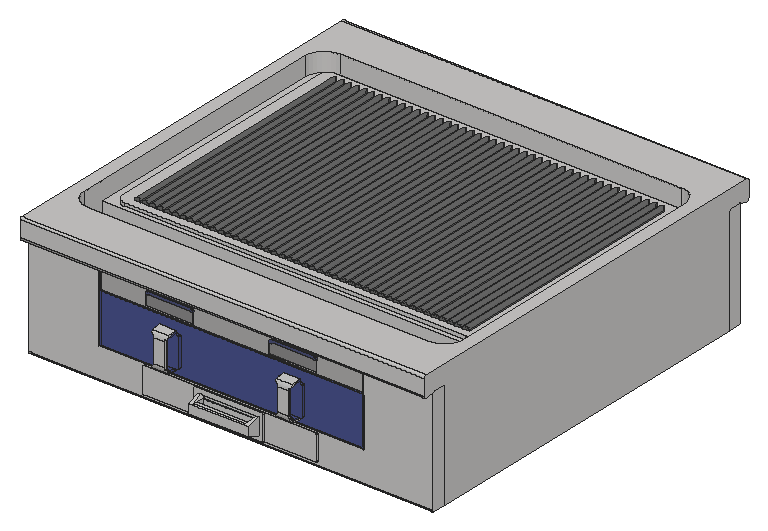
Revit family "QF_ELECTROLUXPROFESSIONAL_588066_MAHNAAHOAO", category Specialty Equipment, Revit 2018 (continued)
Definition of nested family "EG_800_800 mm Full Grate"
  Automatic sketch dimensions
    curve 84 to curve 81 = 9.283 mm
    curve 83 to curve 82 = 9.283 mm
    curve 82 to curve 82 = 472.969 mm
    curve 79 to curve 81 = 0 mm
    curve 79 to curve 79 = 9.283 mm
    curve 85 to curve 85 = 6.5 mm
    curve 88 to curve 89 = 6.5 mm
    curve 86 to curve 86 = 6.5 mm
    curve 90 to curve 87 = 9.283 mm
    curve 89 to curve 88 = 9.283 mm
    curve 88 to curve 88 = 472.969 mm
    curve 85 to curve 87 = 0 mm
    curve 85 to curve 85 = 9.283 mm
    curve 91 to curve 91 = 6.5 mm
    curve 94 to curve 95 = 6.5 mm
    curve 92 to curve 92 = 6.5 mm
    curve 96 to curve 93 = 9.283 mm
    curve 95 to curve 94 = 9.283 mm
    curve 94 to curve 94 = 472.969 mm
    curve 91 to curve 93 = 0 mm
    curve 91 to curve 91 = 9.283 mm
    curve 97 to curve 97 = 6.5 mm
    curve 100 to curve 101 = 6.5 mm
    curve 98 to curve 98 = 6.5 mm
    curve 102 to curve 99 = 9.283 mm
    curve 101 to curve 100 = 9.283 mm
    curve 100 to curve 100 = 472.969 mm
    curve 97 to curve 99 = 0 mm
    curve 97 to curve 97 = 9.283 mm
    curve 103 to curve 103 = 6.5 mm
    curve 106 to curve 107 = 6.5 mm
    curve 104 to curve 104 = 6.5 mm
    curve 108 to curve 105 = 9.283 mm
    curve 107 to curve 106 = 9.283 mm
    curve 106 to curve 106 = 472.969 mm
    curve 103 to curve 105 = 0 mm
    curve 103 to curve 103 = 9.283 mm
    curve 109 to curve 109 = 6.5 mm
    curve 112 to curve 113 = 6.5 mm
    curve 110 to curve 110 = 6.5 mm
    curve 114 to curve 111 = 9.283 mm
    curve 113 to curve 112 = 9.283 mm
    curve 112 to curve 112 = 472.969 mm
    curve 109 to curve 111 = 0 mm
    curve 109 to curve 109 = 9.283 mm
    curve 115 to curve 115 = 6.5 mm
    curve 118 to curve 119 = 6.5 mm
    curve 116 to curve 116 = 6.5 mm
    curve 120 to curve 117 = 9.283 mm
    curve 119 to curve 118 = 9.283 mm
    curve 118 to curve 118 = 472.969 mm
    curve 115 to curve 117 = 0 mm
    curve 115 to curve 115 = 9.283 mm
    curve 121 to curve 121 = 6.5 mm
    curve 124 to curve 125 = 6.5 mm
    curve 122 to curve 122 = 6.5 mm
    curve 126 to curve 123 = 9.283 mm
    curve 125 to curve 124 = 9.283 mm
    curve 124 to curve 124 = 472.969 mm
    curve 121 to curve 123 = 0 mm
    curve 121 to curve 121 = 9.283 mm
    curve 127 to curve 127 = 6.5 mm
    curve 130 to curve 131 = 6.5 mm
    curve 128 to curve 128 = 6.5 mm
    curve 132 to curve 129 = 9.283 mm
    curve 131 to curve 130 = 9.283 mm
    curve 130 to curve 130 = 472.969 mm
    curve 127 to curve 129 = 0 mm
    curve 127 to curve 127 = 9.283 mm
    curve 133 to curve 133 = 6.5 mm
    curve 136 to curve 137 = 6.5 mm
    curve 134 to curve 134 = 6.5 mm
    curve 138 to curve 135 = 9.283 mm
    curve 137 to curve 136 = 9.283 mm
    curve 136 to curve 136 = 472.969 mm
    curve 133 to curve 135 = 0 mm
    curve 133 to curve 133 = 9.283 mm
    curve 139 to curve 139 = 6.5 mm
    curve 142 to curve 143 = 6.5 mm
    curve 140 to curve 140 = 6.5 mm
    curve 144 to curve 141 = 9.283 mm
    curve 143 to curve 142 = 9.283 mm
    curve 142 to curve 142 = 472.969 mm
    curve 139 to curve 141 = 0 mm
    curve 139 to curve 139 = 9.283 mm
    curve 145 to curve 145 = 6.5 mm
    curve 148 to curve 149 = 6.5 mm
    curve 146 to curve 146 = 6.5 mm
    curve 150 to curve 147 = 9.283 mm
    curve 149 to curve 148 = 9.283 mm
    curve 148 to curve 148 = 472.969 mm
    curve 145 to curve 147 = 0 mm
    curve 145 to curve 145 = 9.283 mm
    curve 151 to curve 151 = 6.5 mm
    curve 154 to curve 155 = 6.5 mm
    curve 152 to curve 152 = 6.5 mm
    curve 156 to curve 153 = 9.283 mm
    curve 155 to curve 154 = 9.283 mm
    curve 154 to curve 154 = 472.969 mm
    curve 151 to curve 153 = 0 mm
    curve 151 to curve 151 = 9.283 mm
    curve 157 to curve 157 = 6.5 mm
    curve 160 to curve 161 = 6.5 mm
    curve 158 to curve 158 = 6.5 mm
    curve 162 to curve 159 = 9.283 mm
    curve 161 to curve 160 = 9.283 mm
    curve 160 to curve 160 = 472.969 mm
    curve 157 to curve 159 = 0 mm
    curve 157 to curve 157 = 9.283 mm
    curve 163 to curve 163 = 6.5 mm
    curve 166 to curve 167 = 6.5 mm
    curve 164 to curve 164 = 6.5 mm
    curve 168 to curve 165 = 9.283 mm
    curve 167 to curve 166 = 9.283 mm
    curve 166 to curve 166 = 472.969 mm
    curve 163 to curve 165 = 0 mm
    curve 163 to curve 163 = 9.283 mm
    curve 169 to curve 169 = 6.5 mm
    curve 172 to curve 173 = 6.5 mm
    curve 170 to curve 170 = 6.5 mm
    curve 174 to curve 171 = 9.283 mm
    curve 173 to curve 172 = 9.283 mm
    curve 172 to curve 172 = 472.969 mm
    curve 169 to curve 171 = 0 mm
    curve 169 to curve 169 = 9.283 mm
    curve 175 to curve 175 = 6.5 mm
    curve 178 to curve 179 = 6.5 mm
    curve 176 to curve 176 = 6.5 mm
    curve 180 to curve 177 = 9.283 mm
    curve 179 to curve 178 = 9.283 mm
    curve 178 to curve 178 = 472.969 mm
    curve 175 to curve 177 = 0 mm
    curve 175 to curve 175 = 9.283 mm
    curve 181 to curve 181 = 6.5 mm
    curve 184 to curve 185 = 6.5 mm
    curve 182 to curve 182 = 6.5 mm
    curve 186 to curve 183 = 9.283 mm
    curve 185 to curve 184 = 9.283 mm
    curve 184 to curve 184 = 472.969 mm
    curve 181 to curve 183 = 0 mm
    curve 181 to curve 181 = 9.283 mm
    curve 187 to curve 187 = 6.5 mm
    curve 190 to curve 191 = 6.5 mm
    curve 188 to curve 188 = 6.5 mm
    curve 192 to curve 189 = 9.283 mm
    curve 191 to curve 190 = 9.283 mm
    curve 190 to curve 190 = 472.969 mm
    curve 187 to curve 189 = 0 mm
    curve 187 to curve 187 = 9.283 mm
    curve 193 to curve 193 = 6.5 mm
    curve 196 to curve 197 = 6.5 mm
    curve 194 to curve 194 = 6.5 mm
    curve 198 to curve 195 = 9.283 mm
    curve 197 to curve 196 = 9.283 mm
    curve 196 to curve 196 = 472.969 mm
    curve 193 to curve 195 = 0 mm
    curve 193 to curve 193 = 9.283 mm
    curve 199 to curve 199 = 6.5 mm
    curve 202 to curve 203 = 6.5 mm
    curve 200 to curve 200 = 6.5 mm
    curve 204 to curve 201 = 9.283 mm
    curve 203 to curve 202 = 9.283 mm
    curve 202 to curve 202 = 472.969 mm
    curve 199 to curve 201 = 0 mm
    curve 199 to curve 199 = 9.283 mm
    curve 205 to curve 205 = 6.5 mm
    curve 208 to curve 209 = 6.5 mm
    curve 206 to curve 206 = 6.5 mm
    curve 210 to curve 207 = 9.283 mm
    curve 209 to curve 208 = 9.283 mm
    curve 208 to curve 208 = 472.969 mm
    curve 205 to curve 207 = 0 mm
    curve 205 to curve 205 = 9.283 mm
    curve 211 to curve 211 = 6.5 mm
    curve 214 to curve 215 = 6.5 mm
    curve 212 to curve 212 = 6.5 mm
    curve 216 to curve 213 = 9.283 mm
    curve 215 to curve 214 = 9.283 mm
    curve 214 to curve 214 = 472.969 mm
    curve 211 to curve 213 = 0 mm
    curve 211 to curve 211 = 9.283 mm
    curve 217 to curve 217 = 6.5 mm
    curve 220 to curve 221 = 6.5 mm
    curve 218 to curve 218 = 6.5 mm
    curve 222 to curve 219 = 9.283 mm
    curve 221 to curve 220 = 9.283 mm
    curve 220 to curve 220 = 472.969 mm
    curve 217 to curve 219 = 0 mm
    curve 217 to curve 217 = 9.283 mm
    curve 223 to curve 223 = 6.5 mm
    curve 226 to curve 227 = 6.5 mm
    curve 224 to curve 224 = 6.5 mm
    curve 228 to curve 225 = 9.283 mm
    curve 227 to curve 226 = 9.283 mm
    curve 226 to curve 226 = 472.969 mm
    curve 223 to curve 225 = 0 mm
    curve 223 to curve 223 = 9.283 mm
    curve 229 to curve 229 = 6.5 mm
    curve 232 to curve 233 = 6.5 mm
    curve 230 to curve 230 = 6.5 mm
    curve 234 to curve 231 = 9.283 mm
    curve 233 to curve 232 = 9.283 mm
    curve 232 to curve 232 = 472.969 mm
    curve 229 to curve 231 = 0 mm
    curve 229 to curve 229 = 9.283 mm
    curve 235 to curve 235 = 6.5 mm
    curve 238 to curve 239 = 6.5 mm
    curve 236 to curve 236 = 6.5 mm
    curve 240 to curve 237 = 9.283 mm
    curve 239 to curve 238 = 9.283 mm
    curve 238 to curve 238 = 472.969 mm
    curve 235 to curve 237 = 0 mm
    curve 235 to curve 235 = 9.283 mm
    curve 241 to curve 241 = 6.5 mm
    curve 244 to curve 245 = 6.5 mm
    curve 242 to curve 242 = 6.5 mm
    curve 246 to curve 243 = 9.283 mm
    curve 245 to curve 244 = 9.283 mm
    curve 244 to curve 244 = 472.969 mm
    curve 241 to curve 243 = 0 mm
    curve 241 to curve 241 = 9.283 mm
    curve 247 to curve 247 = 6.5 mm
    curve 250 to curve 251 = 6.5 mm
    curve 248 to curve 248 = 6.5 mm
    curve 252 to curve 249 = 9.283 mm
    curve 251 to curve 250 = 9.283 mm
    curve 250 to curve 250 = 472.969 mm
    curve 247 to curve 249 = 0 mm
    curve 247 to curve 247 = 9.283 mm
    curve 253 to curve 253 = 6.5 mm
    curve 256 to curve 257 = 6.5 mm
    curve 254 to curve 254 = 6.5 mm
    curve 258 to curve 255 = 9.283 mm
    curve 257 to curve 256 = 9.283 mm
    curve 256 to curve 256 = 472.969 mm
    curve 253 to curve 255 = 0 mm
    curve 253 to curve 253 = 9.283 mm
    curve 259 to curve 259 = 6.5 mm
    curve 262 to curve 263 = 6.5 mm
    curve 260 to curve 260 = 6.5 mm
    curve 264 to curve 261 = 9.283 mm
    curve 263 to curve 262 = 9.283 mm
    curve 262 to curve 262 = 472.969 mm
    curve 259 to curve 261 = 0 mm
    curve 259 to curve 259 = 9.283 mm
    curve 268 to plane 8 = 7 mm
    plane 9 to curve 269 = 5.85 mm
    plane 1 "Center (Front/Back)" to curve 269 = 210.212 mm
  Nested families
    nested 1: "Grate for Griddle_800" at (-324.5, 0, 11.99), type "Grate for Griddle_800"
    nested 2: "Grate for Griddle_800" at (324.5, 0, 11.99), type "Grate for Griddle_800"
    nested 3: "Grate for Griddle_800" at (-309.407, 0, 11.99), type "Grate for Griddle_800"
    nested 4: "Grate for Griddle_800" at (-294.314, 0, 11.99), type "Grate for Griddle_800"
    nested 5: "Grate for Griddle_800" at (-279.221, 0, 11.99), type "Grate for Griddle_800"
    nested 6: "Grate for Griddle_800" at (-264.128, 0, 11.99), type "Grate for Griddle_800"
    nested 7: "Grate for Griddle_800" at (-249.035, 0, 11.99), type "Grate for Griddle_800"
    nested 8: "Grate for Griddle_800" at (-233.942, 0, 11.99), type "Grate for Griddle_800"
    nested 9: "Grate for Griddle_800" at (-218.849, 0, 11.99), type "Grate for Griddle_800"
    nested 10: "Grate for Griddle_800" at (-203.756, 0, 11.99), type "Grate for Griddle_800"
    nested 11: "Grate for Griddle_800" at (-188.663, 0, 11.99), type "Grate for Griddle_800"
    nested 12: "Grate for Griddle_800" at (-173.57, 0, 11.99), type "Grate for Griddle_800"
    nested 13: "Grate for Griddle_800" at (-158.477, 0, 11.99), type "Grate for Griddle_800"
    nested 14: "Grate for Griddle_800" at (-143.384, 0, 11.99), type "Grate for Griddle_800"
    nested 15: "Grate for Griddle_800" at (-128.291, 0, 11.99), type "Grate for Griddle_800"
    nested 16: "Grate for Griddle_800" at (-113.198, 0, 11.99), type "Grate for Griddle_800"
    nested 17: "Grate for Griddle_800" at (-98.105, 0, 11.99), type "Grate for Griddle_800"
    nested 18: "Grate for Griddle_800" at (-83.012, 0, 11.99), type "Grate for Griddle_800"
    nested 19: "Grate for Griddle_800" at (-67.919, 0, 11.99), type "Grate for Griddle_800"
    nested 20: "Grate for Griddle_800" at (-52.826, 0, 11.99), type "Grate for Griddle_800"
    nested 21: "Grate for Griddle_800" at (-37.733, 0, 11.99), type "Grate for Griddle_800"
    nested 22: "Grate for Griddle_800" at (-22.64, 0, 11.99), type "Grate for Griddle_800"
    nested 23: "Grate for Griddle_800" at (-7.547, 0, 11.99), type "Grate for Griddle_800"
    nested 24: "Grate for Griddle_800" at (7.547, 0, 11.99), type "Grate for Griddle_800"
    nested 25: "Grate for Griddle_800" at (22.64, 0, 11.99), type "Grate for Griddle_800"
    nested 26: "Grate for Griddle_800" at (37.733, 0, 11.99), type "Grate for Griddle_800"
    nested 27: "Grate for Griddle_800" at (52.826, 0, 11.99), type "Grate for Griddle_800"
    nested 28: "Grate for Griddle_800" at (67.919, 0, 11.99), type "Grate for Griddle_800"
    nested 29: "Grate for Griddle_800" at (83.012, 0, 11.99), type "Grate for Griddle_800"
    nested 30: "Grate for Griddle_800" at (98.105, 0, 11.99), type "Grate for Griddle_800"
    nested 31: "Grate for Griddle_800" at (113.198, 0, 11.99), type "Grate for Griddle_800"
    nested 32: "Grate for Griddle_800" at (128.291, 0, 11.99), type "Grate for Griddle_800"
    nested 33: "Grate for Griddle_800" at (143.384, 0, 11.99), type "Grate for Griddle_800"
    nested 34: "Grate for Griddle_800" at (158.477, 0, 11.99), type "Grate for Griddle_800"
    nested 35: "Grate for Griddle_800" at (173.57, 0, 11.99), type "Grate for Griddle_800"
    nested 36: "Grate for Griddle_800" at (188.663, 0, 11.99), type "Grate for Griddle_800"
    nested 37: "Grate for Griddle_800" at (203.756, 0, 11.99), type "Grate for Griddle_800"
    nested 38: "Grate for Griddle_800" at (218.849, 0, 11.99), type "Grate for Griddle_800"
    nested 39: "Grate for Griddle_800" at (233.942, 0, 11.99), type "Grate for Griddle_800"
    nested 40: "Grate for Griddle_800" at (249.035, 0, 11.99), type "Grate for Griddle_800"
    nested 41: "Grate for Griddle_800" at (264.128, 0, 11.99), type "Grate for Griddle_800"
    nested 42: "Grate for Griddle_800" at (279.221, 0, 11.99), type "Grate for Griddle_800"
    nested 43: "Grate for Griddle_800" at (294.314, 0, 11.99), type "Grate for Griddle_800"
    nested 44: "Grate for Griddle_800" at (309.407, 0, 11.99), type "Grate for Griddle_800"
  Definition of nested family "Grate for Griddle_800"
    Reference planes
      plane 1 "Center (Front/Back)": y = 0
      plane 2: z = 0
      plane 3 "Center (Left/Right)": x = 0
      plane 4: x = -5.214
      plane 5: x = 7.786
      plane 6: y = 294
      plane 7: y = -194
    Forms (mm)
      Extrusion 1, solid
        sketch origin (1322.686, 294, -6.066) x (1, 0, 0) y (0, 0, 1)
          loop
            line (-1316.186, 888.55) -> (-1316.186, 890.55)
            arc (-1316.186, 890.55) -> (-1322.686, 894.177) -> (-1329.186, 890.55) r 7.638
            line (-1329.186, 890.55) -> (-1329.186, 888.55) -> (-1316.186, 888.55)
        from 0 to 488
      Extrusion 2, void
        sketch origin (0, 0, 0) x (1, 0, 0) y (0, 1, 0)
          loop
            line (-1.237, 294) -> (-6.5, 294) -> (-6.5, 286.484) -> (-1.237, 294)
          loop
            line (1.237, 294) -> (6.5, 286.484) -> (6.5, 294) -> (1.237, 294)
          loop
            line (-1.237, -294) -> (-6.5, -286.484) -> (-6.5, -294) -> (-1.237, -294)
          loop
            line (1.237, -294) -> (6.5, -294) -> (6.5, -286.484) -> (1.237, -294)
        from 878.991 to 892.372
    Cuts and joins
      Extrusion 2 cuts Extrusion 1
    Lines and regions (mm)
      symbolic lines
        curve 1: line (6.5, -186.484, 0) -> (6.5, 286.484, 0)
        curve 2: line (6.5, -186.484, 0) -> (1.237, -194, 0)
        curve 3: line (-1.237, -194, 0) -> (-6.5, -186.484, 0)
        curve 4: line (-6.5, 286.484, 0) -> (-6.5, -186.484, 0)
        curve 5: line (-6.5, 286.484, 0) -> (-1.237, 294, 0)
        curve 6: line (1.237, 294, 0) -> (6.5, 286.484, 0)
    Dimensions and locks
      plane 6 to plane 7 = 488 mm
      aligned and locked: Extrusion 1 to plane 7
      aligned and locked: plane 6 to Extrusion 1
      aligned and locked: cut or joined group of Extrusion 1, Extrusion 2 to curve 1
      aligned and locked: curve 4 to cut or joined group of Extrusion 1, Extrusion 2
      aligned and locked: curve 5 to cut or joined group of Extrusion 1, Extrusion 2
      aligned and locked: curve 6 to cut or joined group of Extrusion 1, Extrusion 2
